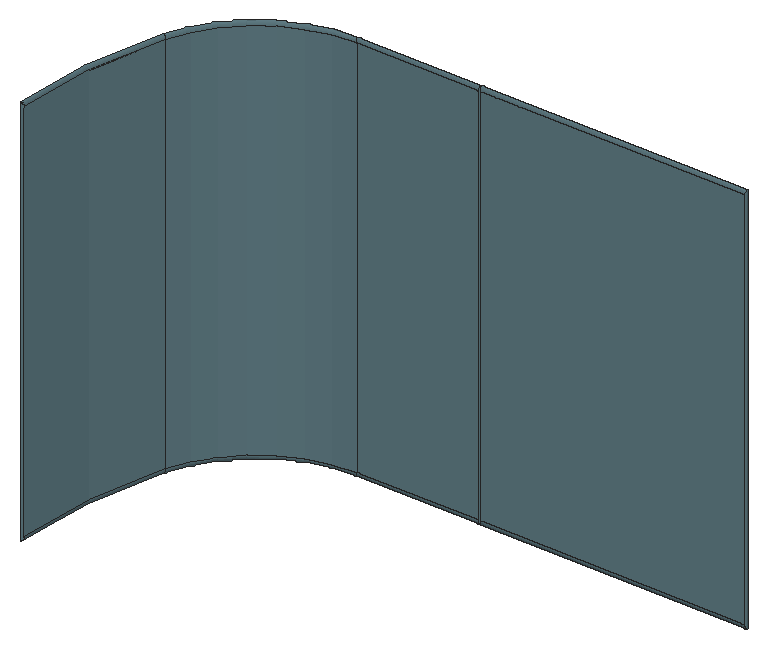
Revit family "FU_Panel_Sandler_Kern 1242PC", category Furniture, Revit 2022
Family settings
  OmniClass Number = 23.40.20.00
  OmniClass Title = General Furniture and Specialties
  Work Plane-Based = No
  Always vertical = Yes
  Cut with Voids When Loaded = No
  Render Appearance Source = Family Geometry
  Shared = No
  Room Calculation Point = No
Parameters (values of type "KERN 1242PC")
  Width = 1478 mm
  URL = "https://www.sandlerseating.com/product/kern-1242pc/"
  Panel [instance] = Fabric - Mainline Flax - Pimlico MLF34
  Model = "KERN 1242PC"
  Manufacturer = "Sandler"
  Description = "Privacy screen for two-seat Kern module with armrest on right side."
  Default Elevation = 0 mm
Reference planes
  plane 1 "Center (Front/Back)": y = 0
  plane 2: z = 0
  plane 3 "Center (Left/Right)": x = 0
  plane 4 "Right": x = -739
  plane 5 "Left": x = 739
  plane 6 "Panel Front": y = 357.5
  plane 7 "Panel Back": y = 368.5
  plane 8 "Panel Elevation": z = 170
  plane 9 "Height": z = 1260
  plane 10 "Front": y = -316.5
Forms (mm)
  Sweep 1, void
    path origin (0, 0, 0) x (0, -1, 0) y (0, 0, -1)
      loop
        line (-363, -160) -> (-363, -1295)
    profile "Pro_edgeCut_6mm_alt : Pro_edgeCut_6mm_alt" origin (0, 363, 727.5) x (0, -1, 0) y (1, 0, 0)
      loop
        arc (-5.939, -5.172) -> (0, 0) -> (5.945, -5.164) r 6
        arc (5.945, -5.164) -> (6.27, -5.762) -> (6.907, -6) r 0.971
        line (6.907, -6) -> (10.004, -6) -> (10.004, 2.035) -> (-9.996, 2.035) -> (-9.996, -6) -> (-6.89, -6)
        arc (-6.89, -6) -> (-6.26, -5.764) -> (-5.939, -5.172) r 0.961
  Sweep 2, void
    path origin (0, -316.5, 0) x (-1, 0, 0) y (0, 0, 1)
      loop
        line (733.499, 163.754) -> (733.499, 1273.754)
    profile "Pro_edgeCut_6mm_alt : Pro_edgeCut_6mm_alt" origin (-733.499, -316.5, 718.754) x (1, 0, 0) y (0, 1, 0)
      loop
        arc (-5.939, 5.328) -> (-6.26, 5.92) -> (-6.89, 6.156) r 0.961
        line (-6.89, 6.156) -> (-9.996, 6.156) -> (-9.996, -1.879) -> (10.004, -1.879) -> (10.004, 6.156) -> (6.907, 6.156)
        arc (6.907, 6.156) -> (6.27, 5.918) -> (5.945, 5.32) r 0.971
        arc (5.945, 5.32) -> (0, 0.156) -> (-5.939, 5.328) r 6
  Sweep 3, solid, material "Fabric - Mainline Flax - Pimlico MLF34" <- "Panel"
    path origin (0, 0, 170) x (-1, 0, 0) y (0, -1, 0)
      loop
        line (0, -362.992) -> (-740, -362.992)
    profile "Pro_Kern_Panel : Pro_Kern_Panel" origin (370, 362.992, 170) x (0, 1, 0) y (0, 0, 1)
      loop
        line (-5.5, 1079) -> (-5.5, 11)
        spline (-5.5, 11) -> (-5.313, 8.153) -> (-4.763, 5.5) -> (-3.889, 3.222) -> (-2.75, 1.474) -> (-1.424, 0.375) -> (0, 0) -> (1.424, 0.375) -> (2.75, 1.474) -> (3.889, 3.222) -> (4.763, 5.5) -> (5.313, 8.153) -> (5.5, 11)
        line (5.5, 11) -> (5.5, 1079)
        spline (5.5, 1079) -> (5.313, 1081.847) -> (4.763, 1084.5) -> (3.889, 1086.778) -> (2.75, 1088.526) -> (1.424, 1089.625) -> (0, 1090) -> (-1.424, 1089.625) -> (-2.75, 1088.526) -> (-3.889, 1086.778) -> (-4.763, 1084.5) -> (-5.313, 1081.847) -> (-5.5, 1079)
  Sweep 4, void
    path origin (0, 0, 0) x (0, -1, 0) y (0, 0, 1)
      loop
        line (-363, 160) -> (-363, 1295)
    profile "Pro_edgeCut_6mm_alt : Pro_edgeCut_6mm_alt" origin (0, 363, 727.5) x (0, 1, 0) y (-1, 0, 0)
      loop
        arc (-5.939, -5.172) -> (0, 0) -> (5.945, -5.164) r 6
        arc (5.945, -5.164) -> (6.27, -5.762) -> (6.907, -6) r 0.971
        line (6.907, -6) -> (10.004, -6) -> (10.004, 2.035) -> (-9.996, 2.035) -> (-9.996, -6) -> (-6.89, -6)
        arc (-6.89, -6) -> (-6.26, -5.764) -> (-5.939, -5.172) r 0.961
  Sweep 5, void
    path origin (739, 0, 0) x (0, -1, 0) y (0, 0, -1)
      loop
        line (-363, -160) -> (-363, -1295)
    profile "Pro_edgeCut_6mm_alt : Pro_edgeCut_6mm_alt" origin (739, 363, 727.5) x (0, -1, 0) y (1, 0, 0)
      loop
        arc (-5.939, -5.172) -> (0, 0) -> (5.945, -5.164) r 6
        arc (5.945, -5.164) -> (6.27, -5.762) -> (6.907, -6) r 0.971
        line (6.907, -6) -> (10.004, -6) -> (10.004, 2.035) -> (-9.996, 2.035) -> (-9.996, -6) -> (-6.89, -6)
        arc (-6.89, -6) -> (-6.26, -5.764) -> (-5.939, -5.172) r 0.961
  Sweep 6, solid, material "Fabric - Mainline Flax - Pimlico MLF34" <- "Panel"
    path origin (0, 0, 170) x (-1, 0, 0) y (0, -1, 0)
      loop
        line (0, -363.008) -> (342.349, -363.008)
        arc (342.349, -363.008) -> (553.307, -293.157) -> (680.892, -111.21) r 353.485
        arc (680.892, -111.21) -> (725.355, 100.412) -> (733.504, 316.5) r 1278.056
    profile "Pro_Kern_Panel : Pro_Kern_Panel" origin (-171.174, 363.008, 170) x (0, -1, 0) y (0, 0, 1)
      loop
        line (-5.5, 1079) -> (-5.5, 11)
        spline (-5.5, 11) -> (-5.313, 8.153) -> (-4.763, 5.5) -> (-3.889, 3.222) -> (-2.75, 1.474) -> (-1.424, 0.375) -> (0, 0) -> (1.424, 0.375) -> (2.75, 1.474) -> (3.889, 3.222) -> (4.763, 5.5) -> (5.313, 8.153) -> (5.5, 11)
        line (5.5, 11) -> (5.5, 1079)
        spline (5.5, 1079) -> (5.313, 1081.847) -> (4.763, 1084.5) -> (3.889, 1086.778) -> (2.75, 1088.526) -> (1.424, 1089.625) -> (0, 1090) -> (-1.424, 1089.625) -> (-2.75, 1088.526) -> (-3.889, 1086.778) -> (-4.763, 1084.5) -> (-5.313, 1081.847) -> (-5.5, 1079)
Cuts and joins
  Sweep 4, Sweep 5 cuts Sweep 3
  Sweep 1, Sweep 2 cuts Sweep 6
Dimensions and locks
  equal spacing: plane 4 "Right", plane 3 "Center (Left/Right)", plane 5 "Left"
  "Width": plane 4 "Right" to plane 5 "Left"
  plane 1 "Center (Front/Back)" to plane 7 "Panel Back" = 368.5 mm
  locked: plane 7 "Panel Back" to plane 6 "Panel Front" at 11
  aligned and locked: level to plane 2
Automatic sketch dimensions
  plane 6 "Panel Front" to Sweep 1 sketch curve = 5.5 mm
  plane 9 "Height" to Sweep 1 sketch curve = 35 mm
  Sweep 1 sketch curve to plane 8 "Panel Elevation" = 10 mm
  plane 6 "Panel Front" to Sweep 4 sketch curve = 5.5 mm
  Sweep 4 sketch curve to plane 8 "Panel Elevation" = 10 mm
  plane 9 "Height" to Sweep 4 sketch curve = 35 mm
  plane 6 "Panel Front" to Sweep 5 sketch curve = 5.5 mm
  plane 9 "Height" to Sweep 5 sketch curve = 35 mm
  Sweep 5 sketch curve to plane 8 "Panel Elevation" = 10 mm
  Sweep 2 sketch curve to plane 4 "Right" = 5.501 mm
  Sweep 2 sketch curve to plane 8 "Panel Elevation" = 6.246 mm
  plane 9 "Height" to Sweep 2 sketch curve = 13.754 mm
  Sweep 3 sketch curve to plane 3 "Center (Left/Right)" = 0 mm
  Sweep 3 sketch curve to plane 5 "Left" = 1 mm
  plane 6 "Panel Front" to Sweep 3 sketch curve = 5.492 mm
  Sweep 6 sketch curve to plane 3 "Center (Left/Right)" = 0 mm
  plane 10 "Front" to Sweep 6 sketch curve = 60.052 mm
  Sweep 6 sketch curve to plane 1 "Center (Front/Back)" = 9.523 mm
  Sweep 6 sketch curve to plane 7 "Panel Back" = 5.492 mm
  Sweep 6 sketch curve to plane 4 "Right" = 58.108 mm
  Sweep 6 sketch curve to Sweep 6 sketch curve = 0 mm
  Sweep 6 sketch curve to plane 4 "Right" = 5.496 mm
  Sweep 6 sketch curve to plane 10 "Front" = 0 mm
